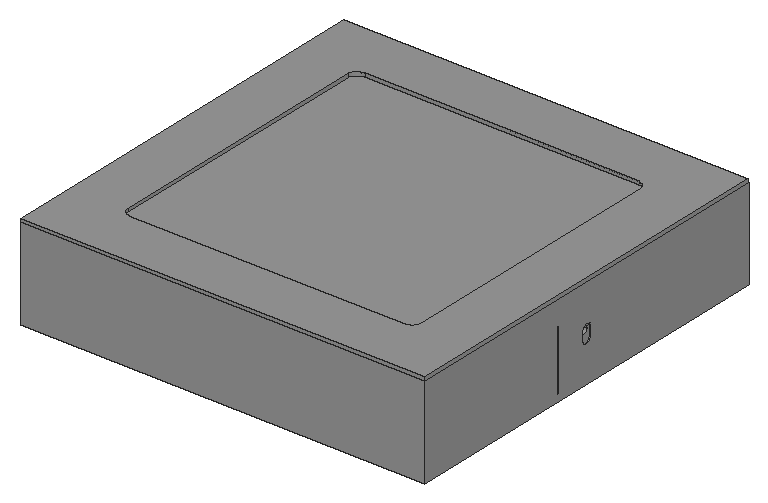
Revit family "Kanna 12W Surface mount", category Lighting Fixtures, host Face, Revit 2019
Family settings
  Host = Face
  Round Connector Dimension = Use Diameter
  Part Type = Normal
  OmniClass Number = 23.80.70.11.11
  OmniClass Title = General Luminaries, Non Directional
  Cut with Voids When Loaded = No
  Light Source = Yes
  Shared = No
  Room Calculation Point = No
Parameters (values of type "Kanna 12W Surface mount, Neutral White, 230V - 02PP993N012R")
  Wattage Comments = "12W"
  Wattage = 12 W
  built-in parameter 1150110 = 1 (stored number, unit not read)
  Voltage = 230 V
  URL = "www.winled.fi"
  Type Image = Kanna 12W pinta.png
  built-in parameter 1114217 = 1 (stored number, unit not read)
  Tilt Angle = -90.00°
  built-in parameter 1150109 = 1 (stored number, unit not read)
  built-in parameter 1150134 = 12
  built-in parameter 1150113 = 1 (stored number, unit not read)
  Product Number = "02PP993N012R"
  Position Number = ""
  Photometric Web File = "Kanna 12W NV pinta.ies"
  Operating Temperature Range = "-20° to +40°C"
  Model = "Kanna 12W Surface mount"
  Manufacturer = "Winled Oy Ltd"
  built-in parameter 1150105 = 68.354 (stored number, unit not read)
  Lumens = 858.96 lm
  built-in parameter 1150115 = 1 (stored number, unit not read)
  Lumens Output = "859lm"
  built-in parameter 1150137 = (empty or 0)
  built-in parameter 1150139 = (empty or 0)
  Lifetime L70 = "50000h"
  Last Updated = "25.2.2016"
  built-in parameter 1150112 = 1 (stored number, unit not read)
  built-in parameter 1150114 = 1 (stored number, unit not read)
  Lamp = "LED"
  built-in parameter 1150132 = (empty or 0)
  built-in parameter 1150102 = (empty or 0)
  built-in parameter 1150107 = 4000 (stored number, unit not read)
  built-in parameter 1150138 = (empty or 0)
  built-in parameter 1150106 = 0.68354 (stored number, unit not read)
  IP Code = "IP40"
  Housing Material = "Aluminium"
  built-in parameter 1150104 = 6.65 (stored number, unit not read)
  Driver = "Separate"
  Directivity = "No"
  Dimming Lamp Color Temperature Shift = <None>
  Dimmable = "Yes"
  Dimensions = "170mm x 170mm x 40mm"
  Description = "Downlight"
  Depth = "-"
  Default Elevation = 1219.2 mm
  Cutout = "-"
  Color Temperature = "4000K"
  Color Filter = 16777215
  Casing Color = "White"
  CRI = "80"
  Beam Angle = "120°"
  built-in parameter 1114218 = 1 (stored number, unit not read)
  built-in parameter 1150133 = 10 (stored number, unit not read)
Types (5, lengths in mm): name | Voltage | built-in parameter 1150134 | Product Number | Photometric Web File | built-in parameter 1150105 | Lumens | Lumens Output | built-in parameter 1150107 | built-in parameter 1150106 | built-in parameter 1150104 | Color Temperature
  (no name) | 230 V | 12 | "02PP993N012R" | "Kanna 12W NV pinta.ies" | 68.354 (stored number, unit not read) | 858.96 lm | "859lm" | 4000 (stored number, unit not read) | 0.68354 (stored number, unit not read) | 6.65 (stored number, unit not read) | "4000K"
  Kanna 12W Surface mount, Neutral White, 110V - 02XPP993N012R | 110 V | 12 | "02XPP993N012R" | "Kanna 12W NV pinta.ies" | 68.354 (stored number, unit not read) | 858.96 lm | "859lm" | 4000 (stored number, unit not read) | 0.68354 (stored number, unit not read) | 6.65 (stored number, unit not read) | "4000K"
  Kanna 12W Surface mount, Warm White, 110V - 02XPP993L012R | 110 V | (empty or 0) | "02XPP993L012R" | "Kanna 12W LV pinta.ies" | 62.395 (stored number, unit not read) | 784.08 lm | "784lm" | 3000 (stored number, unit not read) | 0.62395 (stored number, unit not read) | 6.0703 (stored number, unit not read) | "3000K"
  Kanna 12W Surface mount, Warm White, 230V - 02PP993L012R | 230 V | (empty or 0) | "02PP993L012R" | "Kanna 12W LV pinta.ies" | 62.395 (stored number, unit not read) | 784.08 lm | "784lm" | 3000 (stored number, unit not read) | 0.62395 (stored number, unit not read) | 6.0703 (stored number, unit not read) | "3000K"
  Kanna 12W Surface mount, Neutral White, 230V - 02PP993N012R | 230 V | 12 | "02PP993N012R" | "Kanna 12W NV pinta.ies" | 68.354 (stored number, unit not read) | 858.96 lm | "859lm" | 4000 (stored number, unit not read) | 0.68354 (stored number, unit not read) | 6.65 (stored number, unit not read) | "4000K"
Reference planes
  plane 1 "Center (Front/Back)": y = 0
  plane 2: z = 0
  plane 3 "Center (Left/Right)": x = 0
Lines and regions (mm)
  symbolic lines
    curve 1: line (-85, -85, 0) -> (-85, 85, 0)
    curve 2: line (-85, 85, 0) -> (85, 85, 0)
    curve 3: line (85, 85, 0) -> (85, -85, 0)
    curve 4: line (85, -85, 0) -> (-85, -85, 0)
    curve 5: line (85, 85, 0) -> (-85, -85, 0)
    curve 6: line (-85, 85, 0) -> (85, -85, 0)
Dimensions and locks
  aligned and locked: plane 2 to host face
  aligned and locked: level to host face
Nested families
  nested 1: "Kanna 12W pinta malli" at (0, 0, 0), type "Kanna 12W pinta malli"
Connectors
  electrical at (0, 0, 0), driven by "Voltage"
    settings: on nested 1, index 1, voltage 230 V, apparent load 0 VA, apparent load phase1 12 VA, apparent load phase2 0 VA, apparent load phase3 0 VA, power factor 1, load classification "Lighting", number of poles 1, system type 31, power factor state 1, is connector primary yes, connector utility no, sub classification motor no, connector description ""
Definition of nested family "Kanna 12W pinta malli"
  Reference planes
    plane 1 "Center (Front/Back)": y = 0
    plane 2: z = 0
    plane 3 "Center (Left/Right)": x = 0
  Forms (mm)
    Extrusion 1, solid
      sketch origin (0, 0, 0) x (1, 0, 0) y (0, 1, 0)
        loop
          line (85, 85) -> (-85, 85) -> (-85, -85) -> (85, -85) -> (85, 85)
      from 38.6 to 40
    Extrusion 2, solid
      sketch origin (0, 0, 0) x (1, 0, 0) y (0, 1, 0)
        loop
          line (-85, 85) -> (-85, -85) -> (85, -85) -> (85, 85) -> (-85, 85)
        loop
          line (84.047, 84.1) -> (-84.047, 84.1) -> (-84.047, 12.55) -> (-81.921, 12.55)
          arc (-81.921, 12.55) -> (-78.047, 11.85) -> (-81.921, 11.15) r 2
          line (-81.921, 11.15) -> (-84.047, 11.15) -> (-84.047, -11.15) -> (-81.921, -11.15)
          arc (-81.921, -11.15) -> (-78.047, -11.85) -> (-81.921, -12.55) r 2
          line (-81.921, -12.55) -> (-84.047, -12.55) -> (-84.047, -84.1) -> (84.047, -84.1) -> (84.047, -12.55) -> (81.921, -12.55)
          arc (81.921, -12.55) -> (78.047, -11.85) -> (81.921, -11.15) r 2
          line (81.921, -11.15) -> (84.047, -11.15) -> (84.047, 11.15) -> (81.921, 11.15)
          arc (81.921, 11.15) -> (78.047, 11.85) -> (81.921, 12.55) r 2
          line (81.921, 12.55) -> (84.047, 12.55) -> (84.047, 84.1)
      from 38.6 to 0
    Extrusion 3, solid
      sketch origin (0, 0, 0) x (1, 0, 0) y (0, 1, 0)
        loop
          line (66.1, 72.1) -> (-66.1, 72.1)
          arc (-66.1, 72.1) -> (-70.343, 70.343) -> (-72.1, 66.1) r 6
          line (-72.1, 66.1) -> (-72.1, -66.134)
          arc (-72.1, -66.134) -> (-70.318, -70.353) -> (-66.1, -72.1) r 5.966
          line (-66.1, -72.1) -> (66.742, -72.1)
          arc (66.742, -72.1) -> (70.564, -70.144) -> (72.1, -66.134) r 6
          line (72.1, -66.134) -> (72.1, 66.1)
          arc (72.1, 66.1) -> (70.343, 70.343) -> (66.1, 72.1) r 6
      from 38.6 to 28.7
    Extrusion 4, void
      sketch origin (0, 0, 0) x (1, 0, 0) y (0, 1, 0)
        loop
          line (57.6, 61.6) -> (-57.6, 61.6)
          arc (-57.6, 61.6) -> (-60.428, 60.428) -> (-61.6, 57.6) r 4
          line (-61.6, 57.6) -> (-61.6, -57.6)
          arc (-61.6, -57.6) -> (-60.428, -60.428) -> (-57.6, -61.6) r 4
          line (-57.6, -61.6) -> (57.617, -61.6)
          arc (57.617, -61.6) -> (60.433, -60.417) -> (61.6, -57.6) r 3.983
          line (61.6, -57.6) -> (61.6, 57.6)
          arc (61.6, 57.6) -> (60.428, 60.428) -> (57.6, 61.6) r 4
      from 38.6 to 40
    Extrusion 5, void
      sketch origin (0, 0, 0) x (0, 1, 0) y (0, 0, 1)
        loop
          arc (-2.3, 17.3) -> (0, 15) -> (2.3, 17.3) r 2.3
          line (2.3, 17.3) -> (2.3, 20.7)
          arc (2.3, 20.7) -> (0, 23) -> (-2.3, 20.7) r 2.3
          line (-2.3, 20.7) -> (-2.3, 17.3)
      from 84.047 to 85
    Extrusion 6, void
      sketch origin (0, 0, 0) x (0, 1, 0) y (0, 0, -1)
        loop
          line (-2.3, -17.3) -> (-2.3, -20.7)
          arc (-2.3, -20.7) -> (0, -23) -> (2.3, -20.7) r 2.3
          line (2.3, -20.7) -> (2.3, -17.3)
          arc (2.3, -17.3) -> (0, -15) -> (-2.3, -17.3) r 2.3
      from 84.047 to 85
    Extrusion 7, solid, detail levels fine
      sketch origin (0, 0, 0) x (1, 0, 0) y (0, 1, 0)
        loop
          line (-84.047, 9.8) -> (-84.047, -9.8) -> (-28.354, -9.8)
          arc (-28.354, -9.8) -> (0, -30) -> (28.354, -9.8) r 30
          line (28.354, -9.8) -> (84.047, -9.8) -> (84.047, 9.8) -> (28.354, 9.8)
          arc (28.354, 9.8) -> (0, 30) -> (-28.354, 9.8) r 30
          line (-28.354, 9.8) -> (-84.047, 9.8)
        loop
          circle (0, 0) r 7.4
        loop
          circle (0, 24) r 2.55
        loop
          circle (0, -24) r 2.55
        loop
          arc (-60.8, 2.3) -> (-63.1, 0) -> (-60.8, -2.3) r 2.3
          line (-60.8, -2.3) -> (-50.7, -2.3)
          arc (-50.7, -2.3) -> (-48.4, 0) -> (-50.7, 2.3) r 2.3
          line (-50.7, 2.3) -> (-60.8, 2.3)
        loop
          line (60.8, 2.3) -> (50.7, 2.3)
          arc (50.7, 2.3) -> (48.4, 0) -> (50.7, -2.3) r 2.3
          line (50.7, -2.3) -> (60.8, -2.3)
          arc (60.8, -2.3) -> (63.1, 0) -> (60.8, 2.3) r 2.3
      from 1.4 to 0
    Extrusion 8, solid, detail levels fine
      sketch origin (0, 0, 0) x (0, 1, 0) y (0, 0, 1)
        loop
          line (9.8, 0) -> (9.8, 20.8)
          arc (9.8, 20.8) -> (0, 30.6) -> (-9.8, 20.8) r 9.8
          line (-9.8, 20.8) -> (-9.8, 0) -> (9.8, 0)
        loop
          circle (0, 20) r 1.715
      from 82.6 to 84.047
    Extrusion 9, solid, detail levels fine
      sketch origin (0, 0, 0) x (0, 1, 0) y (0, 0, -1)
        loop
          line (9.8, 0) -> (-9.8, 0) -> (-9.8, -20.8)
          arc (-9.8, -20.8) -> (0, -30.6) -> (9.8, -20.8) r 9.8
          line (9.8, -20.8) -> (9.8, 0)
        loop
          circle (0, -20) r 1.715
      from 82.6 to 84.047
  Cuts and joins
    Extrusion 4 cuts Extrusion 1
    Extrusion 4 cuts Extrusion 3
    Extrusion 5, Extrusion 6 cuts Extrusion 2
  Dimensions and locks
    aligned and locked: level to plane 2
